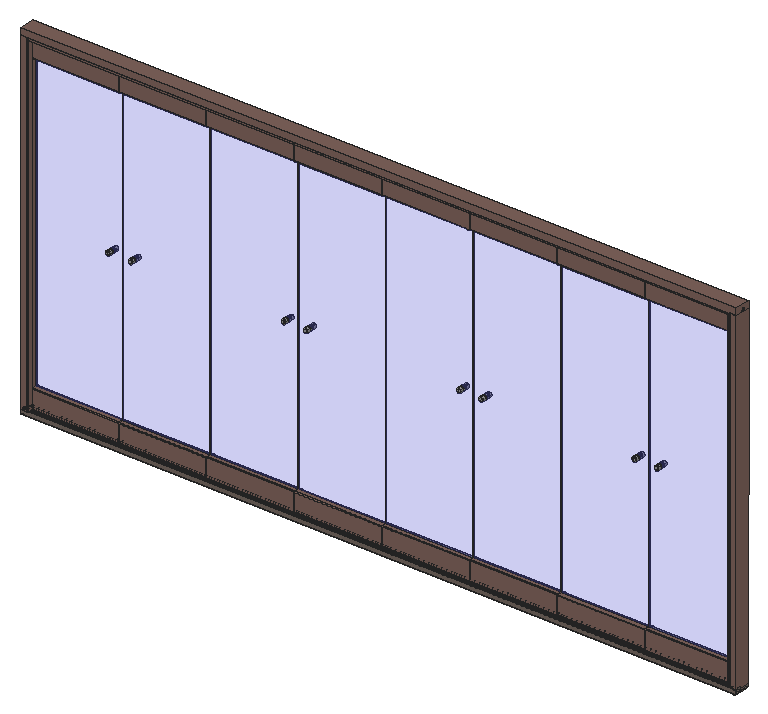
Revit family "FL8L 2385 RH", category Doors, host Wall, Revit 2015
Parameters (values of type "FL8L 2385 RH")
  Function = Interior
  Frame Projection Ext. = 25 mm
  Frame Projection Int. = 25 mm
  Frame Width = 75 mm
  Height = 2385 mm
  Wall Closure = By host
  Width = 4930 mm
Reference planes
  plane 1: y = 0
  plane 2 "Center (Left/Right)": x = 0
  plane 3 "Left": x = -2465
  plane 4 "Right": x = 2465
  plane 5: z = 2385
  plane 6 "Exterior": y = 75
  plane 7 "Interior": y = -75
  plane 8: x = 2420
  plane 9: x = 2414
  plane 10: x = 1814
  plane 11: x = 1810
  plane 12: x = 1210
  plane 13: x = 1206
  plane 14: x = 606
  plane 15: x = 602
  plane 16: x = 2
  plane 17: x = -2
  plane 18: x = -602
  plane 19: x = -606
  plane 20: x = -1206
  plane 21: x = -1210
  plane 22: x = -1810
  plane 23: x = -1814
  plane 24: x = -2414
  plane 25: x = -2420
Forms (mm)
  Extrusion 1, solid, material "Meranti (Frameless)"
    sketch origin (0, 0, 285) x (0, 1, 0) y (0, 0, 1)
      loop
        line (52.5, 2100) -> (-52.5, 2100) -> (-52.5, 2055) -> (-6.5, 2055) -> (-6.5, 2075) -> (15.5, 2075) -> (15.5, 2055) -> (52.5, 2055) -> (52.5, 2100)
    from -2465 to 2465
  Extrusion 2, solid, material "Steel, Chrome Plated"
    sketch origin (667.231, -1.5, 285) x (0, 1, 0) y (0, 0, 1)
      loop
        line (16.5, 2075) -> (-4.5, 2075) -> (-4.5, 2055) -> (-2.3, 2055) -> (-2.3, 2072.8) -> (14.3, 2072.8) -> (14.3, 2055) -> (16.5, 2055) -> (16.5, 2075)
    from -3132.231 to 1797.769
  Extrusion 3, solid, material "Meranti (Frameless)"
    sketch origin (0, 0, 0) x (1, 0, 0) y (0, 1, 0)
      loop
        line (-2465, 52.5) -> (-2465, -52.5) -> (-2420, -52.5) -> (-2420, 24.5) -> (-2432, 24.5) -> (-2432, 52.5) -> (-2465, 52.5)
      loop
        line (2465, 52.5) -> (2432, 52.5) -> (2432, 24.5) -> (2420, 24.5) -> (2420, -52.5) -> (2465, -52.5) -> (2465, 52.5)
    from 32 to 2340
  Extrusion 4, solid, material "Aluminium Cill (Bronze)"
    sketch origin (0, 79.18, -119.746) x (0, 1, 0) y (0, 0, 1)
      loop
        line (-26.68, 120.746) -> (-26.68, 135.746)
        arc (-26.68, 135.746) -> (-27.558, 137.867) -> (-29.68, 138.746) r 3
        line (-29.68, 138.746) -> (-40.947, 138.746)
        arc (-40.947, 138.746) -> (-42.68, 137.746) -> (-44.412, 138.746) r 2
        line (-44.412, 138.746) -> (-48.947, 138.746)
        arc (-48.947, 138.746) -> (-50.68, 137.746) -> (-52.412, 138.746) r 2
        line (-52.412, 138.746) -> (-56.947, 138.746)
        arc (-56.947, 138.746) -> (-58.68, 137.746) -> (-60.412, 138.746) r 2
        line (-60.412, 138.746) -> (-67.18, 138.746) -> (-67.18, 135.246)
        arc (-67.18, 135.246) -> (-67.619, 134.185) -> (-68.68, 133.746) r 1.5
        line (-68.68, 133.746) -> (-73.43, 133.746) -> (-73.43, 135.746) -> (-71.996, 135.746)
        arc (-71.996, 135.746) -> (-74.68, 138.746) -> (-77.363, 135.746) r 2.7
        line (-77.363, 135.746) -> (-75.93, 135.746) -> (-75.93, 133.746) -> (-80.68, 133.746)
        arc (-80.68, 133.746) -> (-81.74, 134.185) -> (-82.18, 135.246) r 1.5
        line (-82.18, 135.246) -> (-82.18, 138.746) -> (-90.432, 138.746) -> (-98.68, 138.746) -> (-98.68, 143.746)
        arc (-98.68, 143.746) -> (-99.18, 144.246) -> (-99.68, 143.746) r 0.5
        line (-99.68, 143.746) -> (-99.68, 142.734) -> (-100.88, 142.734) -> (-100.88, 150.246) -> (-99.68, 150.246) -> (-99.68, 149.246)
        arc (-99.68, 149.246) -> (-99.18, 148.746) -> (-98.68, 149.246) r 0.5
        line (-98.68, 149.246) -> (-98.68, 150.746)
        arc (-98.68, 150.746) -> (-98.972, 151.453) -> (-99.68, 151.746) r 1
        line (-99.68, 151.746) -> (-109.447, 151.746)
        arc (-109.447, 151.746) -> (-111.18, 150.746) -> (-112.912, 151.746) r 2
        line (-112.912, 151.746) -> (-117.447, 151.746)
        arc (-117.447, 151.746) -> (-119.18, 150.746) -> (-120.912, 151.746) r 2
        line (-120.912, 151.746) -> (-130.68, 151.746)
        arc (-130.68, 151.746) -> (-131.387, 151.453) -> (-131.68, 150.746) r 1
        line (-131.68, 150.746) -> (-131.68, 120.746)
        arc (-131.68, 120.746) -> (-131.387, 120.039) -> (-130.68, 119.746) r 1
        line (-130.68, 119.746) -> (-27.68, 119.746)
        arc (-27.68, 119.746) -> (-26.972, 120.039) -> (-26.68, 120.746) r 1
      loop
        line (-29.68, 137.246) -> (-40.23, 137.246)
        arc (-40.23, 137.246) -> (-42.68, 136.246) -> (-45.129, 137.246) r 3.5
        line (-45.129, 137.246) -> (-48.23, 137.246)
        arc (-48.23, 137.246) -> (-50.68, 136.246) -> (-53.129, 137.246) r 3.5
        line (-53.129, 137.246) -> (-56.23, 137.246)
        arc (-56.23, 137.246) -> (-58.68, 136.246) -> (-61.129, 137.246) r 3.5
        line (-61.129, 137.246) -> (-65.68, 137.246) -> (-65.68, 135.246)
        arc (-65.68, 135.246) -> (-66.558, 133.125) -> (-68.68, 132.246) r 3
        line (-68.68, 132.246) -> (-73.93, 132.246) -> (-73.93, 121.246) -> (-28.18, 121.246) -> (-28.18, 135.746)
        arc (-28.18, 135.746) -> (-28.619, 136.807) -> (-29.68, 137.246) r 1.5
      loop
        line (-75.43, 132.246) -> (-80.68, 132.246)
        arc (-80.68, 132.246) -> (-82.801, 133.125) -> (-83.68, 135.246) r 3
        line (-83.68, 135.246) -> (-83.68, 137.246) -> (-98.68, 137.246) -> (-98.68, 121.246) -> (-75.43, 121.246) -> (-75.43, 132.246)
      loop
        line (-100.18, 121.246) -> (-100.18, 141.246) -> (-102.38, 141.246) -> (-102.38, 150.246) -> (-108.73, 150.246)
        arc (-108.73, 150.246) -> (-111.18, 149.246) -> (-113.629, 150.246) r 3.5
        line (-113.629, 150.246) -> (-116.73, 150.246)
        arc (-116.73, 150.246) -> (-119.18, 149.246) -> (-121.629, 150.246) r 3.5
        line (-121.629, 150.246) -> (-130.18, 150.246) -> (-130.18, 121.246) -> (-100.18, 121.246)
    from -2465 to 2465
  Extrusion 5, solid, material "Meranti (Frameless)"
    sketch origin (0, 0, 0) x (1, 0, 0) y (0, 1, 0)
      loop
        line (-2465, 52.5) -> (-2465, -19.5) -> (-2420, -19.5) -> (-2420, 24.5) -> (-2432, 24.5) -> (-2432, 52.5) -> (-2465, 52.5)
      loop
        line (2465, 52.5) -> (2432, 52.5) -> (2432, 24.5) -> (2420, 24.5) -> (2420, -19.5) -> (2465, -19.5) -> (2465, 52.5)
    from 19 to 32
  Extrusion 6, solid, material "Meranti (Frameless)"
    sketch origin (0, 0, 285) x (0, 1, 0) y (0, 0, 1)
      loop
        line (-52.5, 2052) -> (-52.5, 2042) -> (-26.5, 2042) -> (-26.5, 2045.5) -> (-33.5, 2045.5) -> (-33.5, 2048.5) -> (-26.5, 2048.5) -> (-26.5, 2055) -> (-49.5, 2055) -> (-49.5, 2052) -> (-52.5, 2052)
    from -2420 to 2420
  Extrusion 7, solid, material "Meranti (Frameless)"
    sketch origin (0, 0, 285) x (1, 0, 0) y (0, 1, 0)
      loop
        line (-2417, -52.5) -> (-2407, -52.5) -> (-2407, -26.5) -> (-2410.5, -26.5) -> (-2410.5, -33.5) -> (-2413.5, -33.5) -> (-2413.5, -26.5) -> (-2420, -26.5) -> (-2420, -49.5) -> (-2417, -49.5) -> (-2417, -52.5)
      loop
        line (2417, -52.5) -> (2417, -49.5) -> (2420, -49.5) -> (2420, -26.5) -> (2413.5, -26.5) -> (2413.5, -33.5) -> (2410.5, -33.5) -> (2410.5, -26.5) -> (2407, -26.5) -> (2407, -52.5) -> (2417, -52.5)
    from -253 to 2042
  Extrusion 8, solid, material "Meranti (Frameless)"
    sketch origin (1504, 0, 0) x (0, 1, 0) y (0, 0, 1)
      loop
        line (24.5, 24) -> (24.5, 112) -> (13, 112) -> (13, 162) -> (-15.5, 162) -> (-20.5, 157) -> (-20.5, 37) -> (-15.5, 37) -> (-15.5, 24) -> (24.5, 24)
      loop
        line (24.5, 2335) -> (-20.5, 2335) -> (-20.5, 2202) -> (-15.5, 2197) -> (13, 2197) -> (13, 2247) -> (24.5, 2247) -> (24.5, 2335)
    from 310 to 910
  Extrusion 9, solid, material "Glass"
    sketch origin (1977.601, -93.1, -804.253) x (1, 0, 0) y (0, 0, 1)
      loop
        line (-163.601, 3051.253) -> (-163.601, 916.253) -> (436.399, 916.253) -> (436.399, 3051.253) -> (-163.601, 3051.253)
    from -116.1 to -106.1
  Extrusion 10, solid, material "Rubber, Black"
    sketch origin (1506.5, 0, 0) x (0, 1, 0) y (0, 0, 1)
      loop
        line (24.5, 112) -> (24.5, 162) -> (23, 162) -> (23, 112) -> (24.5, 112)
      loop
        line (24.5, 2197) -> (24.5, 2247) -> (23, 2247) -> (23, 2197) -> (24.5, 2197)
    from 307.5 to 907.5
  Revolve 11, solid, material "Steel, S 460"
    sketch origin (1964, 0, -1800) x (0, 1, 0) y (0, 0, 1)
      loop
        line (24.5, 1941.5) -> (31.5, 1941.5) -> (31.5, 1950) -> (29.5, 1952) -> (24.5, 1952) -> (24.5, 1941.5)
      axis (31.5, 1937) -> (24.5, 1937)
    angle from 0 to 360
  Revolve 12, solid, material "Steel, S 460"
    sketch origin (2264, 0, -1800) x (0, 1, 0) y (0, 0, -1)
      loop
        line (24.5, -1941.5) -> (24.5, -1952) -> (29.5, -1952) -> (31.5, -1950) -> (31.5, -1941.5) -> (24.5, -1941.5)
      axis (31.5, -1937) -> (24.5, -1937)
    angle from 0 to 360
  Revolve 13, solid, material "Steel, S 460"
    sketch origin (1964, 0, 285) x (0, 1, 0) y (0, 0, 1)
      loop
        line (24.5, 1941.5) -> (31.5, 1941.5) -> (31.5, 1950) -> (29.5, 1952) -> (24.5, 1952) -> (24.5, 1941.5)
      axis (31.5, 1937) -> (24.5, 1937)
    angle from 0 to 360
  Revolve 14, solid, material "Steel, S 460"
    sketch origin (2264, 0, 285) x (0, 1, 0) y (0, 0, -1)
      loop
        line (24.5, -1941.5) -> (24.5, -1952) -> (29.5, -1952) -> (31.5, -1950) -> (31.5, -1941.5) -> (24.5, -1941.5)
      axis (31.5, -1937) -> (24.5, -1937)
    angle from 0 to 360
  Extrusion 15, solid, material "Meranti (Frameless)"
    sketch origin (900, 0, 0) x (0, 1, 0) y (0, 0, 1)
      loop
        line (24.5, 24) -> (24.5, 112) -> (13, 112) -> (13, 162) -> (-15.5, 162) -> (-20.5, 157) -> (-20.5, 37) -> (-15.5, 37) -> (-15.5, 24) -> (24.5, 24)
      loop
        line (24.5, 2335) -> (-20.5, 2335) -> (-20.5, 2202) -> (-15.5, 2197) -> (13, 2197) -> (13, 2247) -> (24.5, 2247) -> (24.5, 2335)
    from 310 to 910
  Extrusion 16, solid, material "Glass"
    sketch origin (1373.601, -93.1, -804.253) x (1, 0, 0) y (0, 0, 1)
      loop
        line (-163.601, 3051.253) -> (-163.601, 916.253) -> (436.399, 916.253) -> (436.399, 3051.253) -> (-163.601, 3051.253)
    from -116.1 to -106.1
  Extrusion 17, solid, material "Rubber, Black"
    sketch origin (902.5, 0, 0) x (0, 1, 0) y (0, 0, 1)
      loop
        line (24.5, 112) -> (24.5, 162) -> (23, 162) -> (23, 112) -> (24.5, 112)
      loop
        line (24.5, 2197) -> (24.5, 2247) -> (23, 2247) -> (23, 2197) -> (24.5, 2197)
    from 307.5 to 907.5
  Revolve 18, solid, material "Steel, S 460"
    sketch origin (1360, 0, -1800) x (0, 1, 0) y (0, 0, 1)
      loop
        line (24.5, 1941.5) -> (31.5, 1941.5) -> (31.5, 1950) -> (29.5, 1952) -> (24.5, 1952) -> (24.5, 1941.5)
      axis (31.5, 1937) -> (24.5, 1937)
    angle from 0 to 360
  Revolve 19, solid, material "Steel, S 460"
    sketch origin (1660, 0, -1800) x (0, 1, 0) y (0, 0, -1)
      loop
        line (24.5, -1941.5) -> (24.5, -1952) -> (29.5, -1952) -> (31.5, -1950) -> (31.5, -1941.5) -> (24.5, -1941.5)
      axis (31.5, -1937) -> (24.5, -1937)
    angle from 0 to 360
  Revolve 20, solid, material "Steel, S 460"
    sketch origin (1360, 0, 285) x (0, 1, 0) y (0, 0, 1)
      loop
        line (24.5, 1941.5) -> (31.5, 1941.5) -> (31.5, 1950) -> (29.5, 1952) -> (24.5, 1952) -> (24.5, 1941.5)
      axis (31.5, 1937) -> (24.5, 1937)
    angle from 0 to 360
  Revolve 21, solid, material "Steel, S 460"
    sketch origin (1660, 0, 285) x (0, 1, 0) y (0, 0, -1)
      loop
        line (24.5, -1941.5) -> (24.5, -1952) -> (29.5, -1952) -> (31.5, -1950) -> (31.5, -1941.5) -> (24.5, -1941.5)
      axis (31.5, -1937) -> (24.5, -1937)
    angle from 0 to 360
  Extrusion 22, solid, material "Meranti (Frameless)"
    sketch origin (296, 0, 0) x (0, 1, 0) y (0, 0, 1)
      loop
        line (24.5, 24) -> (24.5, 112) -> (13, 112) -> (13, 162) -> (-15.5, 162) -> (-20.5, 157) -> (-20.5, 37) -> (-15.5, 37) -> (-15.5, 24) -> (24.5, 24)
      loop
        line (24.5, 2335) -> (-20.5, 2335) -> (-20.5, 2202) -> (-15.5, 2197) -> (13, 2197) -> (13, 2247) -> (24.5, 2247) -> (24.5, 2335)
    from 310 to 910
  Extrusion 23, solid, material "Glass"
    sketch origin (769.601, -93.1, -804.253) x (1, 0, 0) y (0, 0, 1)
      loop
        line (-163.601, 3051.253) -> (-163.601, 916.253) -> (436.399, 916.253) -> (436.399, 3051.253) -> (-163.601, 3051.253)
    from -116.1 to -106.1
  Extrusion 24, solid, material "Rubber, Black"
    sketch origin (298.5, 0, 0) x (0, 1, 0) y (0, 0, 1)
      loop
        line (24.5, 112) -> (24.5, 162) -> (23, 162) -> (23, 112) -> (24.5, 112)
      loop
        line (24.5, 2197) -> (24.5, 2247) -> (23, 2247) -> (23, 2197) -> (24.5, 2197)
    from 307.5 to 907.5
  Revolve 25, solid, material "Steel, S 460"
    sketch origin (756, 0, -1800) x (0, 1, 0) y (0, 0, 1)
      loop
        line (24.5, 1941.5) -> (31.5, 1941.5) -> (31.5, 1950) -> (29.5, 1952) -> (24.5, 1952) -> (24.5, 1941.5)
      axis (31.5, 1937) -> (24.5, 1937)
    angle from 0 to 360
  Revolve 26, solid, material "Steel, S 460"
    sketch origin (1056, 0, -1800) x (0, 1, 0) y (0, 0, -1)
      loop
        line (24.5, -1941.5) -> (24.5, -1952) -> (29.5, -1952) -> (31.5, -1950) -> (31.5, -1941.5) -> (24.5, -1941.5)
      axis (31.5, -1937) -> (24.5, -1937)
    angle from 0 to 360
  Revolve 27, solid, material "Steel, S 460"
    sketch origin (756, 0, 285) x (0, 1, 0) y (0, 0, 1)
      loop
        line (24.5, 1941.5) -> (31.5, 1941.5) -> (31.5, 1950) -> (29.5, 1952) -> (24.5, 1952) -> (24.5, 1941.5)
      axis (31.5, 1937) -> (24.5, 1937)
    angle from 0 to 360
  Revolve 28, solid, material "Steel, S 460"
    sketch origin (1056, 0, 285) x (0, 1, 0) y (0, 0, -1)
      loop
        line (24.5, -1941.5) -> (24.5, -1952) -> (29.5, -1952) -> (31.5, -1950) -> (31.5, -1941.5) -> (24.5, -1941.5)
      axis (31.5, -1937) -> (24.5, -1937)
    angle from 0 to 360
  Extrusion 29, solid, material "Meranti (Frameless)"
    sketch origin (-308, 0, 0) x (0, 1, 0) y (0, 0, 1)
      loop
        line (24.5, 24) -> (24.5, 112) -> (13, 112) -> (13, 162) -> (-15.5, 162) -> (-20.5, 157) -> (-20.5, 37) -> (-15.5, 37) -> (-15.5, 24) -> (24.5, 24)
      loop
        line (24.5, 2335) -> (-20.5, 2335) -> (-20.5, 2202) -> (-15.5, 2197) -> (13, 2197) -> (13, 2247) -> (24.5, 2247) -> (24.5, 2335)
    from 310 to 910
  Extrusion 30, solid, material "Glass"
    sketch origin (165.601, -93.1, -804.253) x (1, 0, 0) y (0, 0, 1)
      loop
        line (-163.601, 3051.253) -> (-163.601, 916.253) -> (436.399, 916.253) -> (436.399, 3051.253) -> (-163.601, 3051.253)
    from -116.1 to -106.1
  Extrusion 31, solid, material "Rubber, Black"
    sketch origin (-305.5, 0, 0) x (0, 1, 0) y (0, 0, 1)
      loop
        line (24.5, 112) -> (24.5, 162) -> (23, 162) -> (23, 112) -> (24.5, 112)
      loop
        line (24.5, 2197) -> (24.5, 2247) -> (23, 2247) -> (23, 2197) -> (24.5, 2197)
    from 307.5 to 907.5
  Revolve 32, solid, material "Steel, S 460"
    sketch origin (152, 0, -1800) x (0, 1, 0) y (0, 0, 1)
      loop
        line (24.5, 1941.5) -> (31.5, 1941.5) -> (31.5, 1950) -> (29.5, 1952) -> (24.5, 1952) -> (24.5, 1941.5)
      axis (31.5, 1937) -> (24.5, 1937)
    angle from 0 to 360
  Revolve 33, solid, material "Steel, S 460"
    sketch origin (452, 0, -1800) x (0, 1, 0) y (0, 0, -1)
      loop
        line (24.5, -1941.5) -> (24.5, -1952) -> (29.5, -1952) -> (31.5, -1950) -> (31.5, -1941.5) -> (24.5, -1941.5)
      axis (31.5, -1937) -> (24.5, -1937)
    angle from 0 to 360
  Revolve 34, solid, material "Steel, S 460"
    sketch origin (152, 0, 285) x (0, 1, 0) y (0, 0, 1)
      loop
        line (24.5, 1941.5) -> (31.5, 1941.5) -> (31.5, 1950) -> (29.5, 1952) -> (24.5, 1952) -> (24.5, 1941.5)
      axis (31.5, 1937) -> (24.5, 1937)
    angle from 0 to 360
  Revolve 35, solid, material "Steel, S 460"
    sketch origin (452, 0, 285) x (0, 1, 0) y (0, 0, -1)
      loop
        line (24.5, -1941.5) -> (24.5, -1952) -> (29.5, -1952) -> (31.5, -1950) -> (31.5, -1941.5) -> (24.5, -1941.5)
      axis (31.5, -1937) -> (24.5, -1937)
    angle from 0 to 360
  Extrusion 36, solid, material "Meranti (Frameless)"
    sketch origin (-912, 0, 0) x (0, 1, 0) y (0, 0, 1)
      loop
        line (24.5, 24) -> (24.5, 112) -> (13, 112) -> (13, 162) -> (-15.5, 162) -> (-20.5, 157) -> (-20.5, 37) -> (-15.5, 37) -> (-15.5, 24) -> (24.5, 24)
      loop
        line (24.5, 2335) -> (-20.5, 2335) -> (-20.5, 2202) -> (-15.5, 2197) -> (13, 2197) -> (13, 2247) -> (24.5, 2247) -> (24.5, 2335)
    from 310 to 910
  Extrusion 37, solid, material "Glass"
    sketch origin (-438.399, -93.1, -804.253) x (1, 0, 0) y (0, 0, 1)
      loop
        line (-163.601, 3051.253) -> (-163.601, 916.253) -> (436.399, 916.253) -> (436.399, 3051.253) -> (-163.601, 3051.253)
    from -116.1 to -106.1
  Extrusion 38, solid, material "Rubber, Black"
    sketch origin (-909.5, 0, 0) x (0, 1, 0) y (0, 0, 1)
      loop
        line (24.5, 112) -> (24.5, 162) -> (23, 162) -> (23, 112) -> (24.5, 112)
      loop
        line (24.5, 2197) -> (24.5, 2247) -> (23, 2247) -> (23, 2197) -> (24.5, 2197)
    from 307.5 to 907.5
  Revolve 39, solid, material "Steel, S 460"
    sketch origin (-452, 0, -1800) x (0, 1, 0) y (0, 0, 1)
      loop
        line (24.5, 1941.5) -> (31.5, 1941.5) -> (31.5, 1950) -> (29.5, 1952) -> (24.5, 1952) -> (24.5, 1941.5)
      axis (31.5, 1937) -> (24.5, 1937)
    angle from 0 to 360
  Revolve 40, solid, material "Steel, S 460"
    sketch origin (-152, 0, -1800) x (0, 1, 0) y (0, 0, -1)
      loop
        line (24.5, -1941.5) -> (24.5, -1952) -> (29.5, -1952) -> (31.5, -1950) -> (31.5, -1941.5) -> (24.5, -1941.5)
      axis (31.5, -1937) -> (24.5, -1937)
    angle from 0 to 360
  Revolve 41, solid, material "Steel, S 460"
    sketch origin (-452, 0, 285) x (0, 1, 0) y (0, 0, 1)
      loop
        line (24.5, 1941.5) -> (31.5, 1941.5) -> (31.5, 1950) -> (29.5, 1952) -> (24.5, 1952) -> (24.5, 1941.5)
      axis (31.5, 1937) -> (24.5, 1937)
    angle from 0 to 360
  Revolve 42, solid, material "Steel, S 460"
    sketch origin (-152, 0, 285) x (0, 1, 0) y (0, 0, -1)
      loop
        line (24.5, -1941.5) -> (24.5, -1952) -> (29.5, -1952) -> (31.5, -1950) -> (31.5, -1941.5) -> (24.5, -1941.5)
      axis (31.5, -1937) -> (24.5, -1937)
    angle from 0 to 360
  Extrusion 43, solid, material "Meranti (Frameless)"
    sketch origin (-1516, 0, 0) x (0, 1, 0) y (0, 0, 1)
      loop
        line (24.5, 24) -> (24.5, 112) -> (13, 112) -> (13, 162) -> (-15.5, 162) -> (-20.5, 157) -> (-20.5, 37) -> (-15.5, 37) -> (-15.5, 24) -> (24.5, 24)
      loop
        line (24.5, 2335) -> (-20.5, 2335) -> (-20.5, 2202) -> (-15.5, 2197) -> (13, 2197) -> (13, 2247) -> (24.5, 2247) -> (24.5, 2335)
    from 310 to 910
  Extrusion 44, solid, material "Glass"
    sketch origin (-1042.399, -93.1, -804.253) x (1, 0, 0) y (0, 0, 1)
      loop
        line (-163.601, 3051.253) -> (-163.601, 916.253) -> (436.399, 916.253) -> (436.399, 3051.253) -> (-163.601, 3051.253)
    from -116.1 to -106.1
  Extrusion 45, solid, material "Rubber, Black"
    sketch origin (-1513.5, 0, 0) x (0, 1, 0) y (0, 0, 1)
      loop
        line (24.5, 112) -> (24.5, 162) -> (23, 162) -> (23, 112) -> (24.5, 112)
      loop
        line (24.5, 2197) -> (24.5, 2247) -> (23, 2247) -> (23, 2197) -> (24.5, 2197)
    from 307.5 to 907.5
  Revolve 46, solid, material "Steel, S 460"
    sketch origin (-1056, 0, -1800) x (0, 1, 0) y (0, 0, 1)
      loop
        line (24.5, 1941.5) -> (31.5, 1941.5) -> (31.5, 1950) -> (29.5, 1952) -> (24.5, 1952) -> (24.5, 1941.5)
      axis (31.5, 1937) -> (24.5, 1937)
    angle from 0 to 360
  Revolve 47, solid, material "Steel, S 460"
    sketch origin (-756, 0, -1800) x (0, 1, 0) y (0, 0, -1)
      loop
        line (24.5, -1941.5) -> (24.5, -1952) -> (29.5, -1952) -> (31.5, -1950) -> (31.5, -1941.5) -> (24.5, -1941.5)
      axis (31.5, -1937) -> (24.5, -1937)
    angle from 0 to 360
  Revolve 48, solid, material "Steel, S 460"
    sketch origin (-1056, 0, 285) x (0, 1, 0) y (0, 0, 1)
      loop
        line (24.5, 1941.5) -> (31.5, 1941.5) -> (31.5, 1950) -> (29.5, 1952) -> (24.5, 1952) -> (24.5, 1941.5)
      axis (31.5, 1937) -> (24.5, 1937)
    angle from 0 to 360
  Revolve 49, solid, material "Steel, S 460"
    sketch origin (-756, 0, 285) x (0, 1, 0) y (0, 0, -1)
      loop
        line (24.5, -1941.5) -> (24.5, -1952) -> (29.5, -1952) -> (31.5, -1950) -> (31.5, -1941.5) -> (24.5, -1941.5)
      axis (31.5, -1937) -> (24.5, -1937)
    angle from 0 to 360
  Extrusion 50, solid, material "Meranti (Frameless)"
    sketch origin (-2120, 0, 0) x (0, 1, 0) y (0, 0, 1)
      loop
        line (24.5, 24) -> (24.5, 112) -> (13, 112) -> (13, 162) -> (-15.5, 162) -> (-20.5, 157) -> (-20.5, 37) -> (-15.5, 37) -> (-15.5, 24) -> (24.5, 24)
      loop
        line (24.5, 2335) -> (-20.5, 2335) -> (-20.5, 2202) -> (-15.5, 2197) -> (13, 2197) -> (13, 2247) -> (24.5, 2247) -> (24.5, 2335)
    from 310 to 910
  Extrusion 51, solid, material "Glass"
    sketch origin (-1646.399, -93.1, -804.253) x (1, 0, 0) y (0, 0, 1)
      loop
        line (-163.601, 3051.253) -> (-163.601, 916.253) -> (436.399, 916.253) -> (436.399, 3051.253) -> (-163.601, 3051.253)
    from -116.1 to -106.1
  Extrusion 52, solid, material "Rubber, Black"
    sketch origin (-2117.5, 0, 0) x (0, 1, 0) y (0, 0, 1)
      loop
        line (24.5, 112) -> (24.5, 162) -> (23, 162) -> (23, 112) -> (24.5, 112)
      loop
        line (24.5, 2197) -> (24.5, 2247) -> (23, 2247) -> (23, 2197) -> (24.5, 2197)
    from 307.5 to 907.5
  Revolve 53, solid, material "Steel, S 460"
    sketch origin (-1660, 0, -1800) x (0, 1, 0) y (0, 0, 1)
      loop
        line (24.5, 1941.5) -> (31.5, 1941.5) -> (31.5, 1950) -> (29.5, 1952) -> (24.5, 1952) -> (24.5, 1941.5)
      axis (31.5, 1937) -> (24.5, 1937)
    angle from 0 to 360
  Revolve 54, solid, material "Steel, S 460"
    sketch origin (-1360, 0, -1800) x (0, 1, 0) y (0, 0, -1)
      loop
        line (24.5, -1941.5) -> (24.5, -1952) -> (29.5, -1952) -> (31.5, -1950) -> (31.5, -1941.5) -> (24.5, -1941.5)
      axis (31.5, -1937) -> (24.5, -1937)
    angle from 0 to 360
  Revolve 55, solid, material "Steel, S 460"
    sketch origin (-1660, 0, 285) x (0, 1, 0) y (0, 0, 1)
      loop
        line (24.5, 1941.5) -> (31.5, 1941.5) -> (31.5, 1950) -> (29.5, 1952) -> (24.5, 1952) -> (24.5, 1941.5)
      axis (31.5, 1937) -> (24.5, 1937)
    angle from 0 to 360
  Revolve 56, solid, material "Steel, S 460"
    sketch origin (-1360, 0, 285) x (0, 1, 0) y (0, 0, -1)
      loop
        line (24.5, -1941.5) -> (24.5, -1952) -> (29.5, -1952) -> (31.5, -1950) -> (31.5, -1941.5) -> (24.5, -1941.5)
      axis (31.5, -1937) -> (24.5, -1937)
    angle from 0 to 360
  Extrusion 57, solid, material "Meranti (Frameless)"
    sketch origin (-2724, 0, 0) x (0, 1, 0) y (0, 0, 1)
      loop
        line (24.5, 24) -> (24.5, 112) -> (13, 112) -> (13, 162) -> (-15.5, 162) -> (-20.5, 157) -> (-20.5, 37) -> (-15.5, 37) -> (-15.5, 24) -> (24.5, 24)
      loop
        line (24.5, 2335) -> (-20.5, 2335) -> (-20.5, 2202) -> (-15.5, 2197) -> (13, 2197) -> (13, 2247) -> (24.5, 2247) -> (24.5, 2335)
    from 310 to 910
  Extrusion 58, solid, material "Glass"
    sketch origin (-2250.399, -93.1, -804.253) x (1, 0, 0) y (0, 0, 1)
      loop
        line (-163.601, 3051.253) -> (-163.601, 916.253) -> (436.399, 916.253) -> (436.399, 3051.253) -> (-163.601, 3051.253)
    from -116.1 to -106.1
  Extrusion 59, solid, material "Rubber, Black"
    sketch origin (-2721.5, 0, 0) x (0, 1, 0) y (0, 0, 1)
      loop
        line (24.5, 112) -> (24.5, 162) -> (23, 162) -> (23, 112) -> (24.5, 112)
      loop
        line (24.5, 2197) -> (24.5, 2247) -> (23, 2247) -> (23, 2197) -> (24.5, 2197)
    from 307.5 to 907.5
  Revolve 60, solid, material "Steel, S 460"
    sketch origin (-2264, 0, -1800) x (0, 1, 0) y (0, 0, 1)
      loop
        line (24.5, 1941.5) -> (31.5, 1941.5) -> (31.5, 1950) -> (29.5, 1952) -> (24.5, 1952) -> (24.5, 1941.5)
      axis (31.5, 1937) -> (24.5, 1937)
    angle from 0 to 360
  Revolve 61, solid, material "Steel, S 460"
    sketch origin (-1964, 0, -1800) x (0, 1, 0) y (0, 0, -1)
      loop
        line (24.5, -1941.5) -> (24.5, -1952) -> (29.5, -1952) -> (31.5, -1950) -> (31.5, -1941.5) -> (24.5, -1941.5)
      axis (31.5, -1937) -> (24.5, -1937)
    angle from 0 to 360
  Revolve 62, solid, material "Steel, S 460"
    sketch origin (-2264, 0, 285) x (0, 1, 0) y (0, 0, 1)
      loop
        line (24.5, 1941.5) -> (31.5, 1941.5) -> (31.5, 1950) -> (29.5, 1952) -> (24.5, 1952) -> (24.5, 1941.5)
      axis (31.5, 1937) -> (24.5, 1937)
    angle from 0 to 360
  Revolve 63, solid, material "Steel, S 460"
    sketch origin (-1964, 0, 285) x (0, 1, 0) y (0, 0, -1)
      loop
        line (24.5, -1941.5) -> (24.5, -1952) -> (29.5, -1952) -> (31.5, -1950) -> (31.5, -1941.5) -> (24.5, -1941.5)
      axis (31.5, -1937) -> (24.5, -1937)
    angle from 0 to 360
  Revolve 64, solid, material "Steel, Chrome Plated"
    sketch origin (1889, -128.249, 152.823) x (0, 1, 0) y (0, 0, 1)
      loop
        line (151.249, 1026.677) -> (181.249, 1026.677) -> (181.249, 1040.677) -> (180.249, 1041.677) -> (164.249, 1041.677) -> (159.249, 1036.677) -> (154.249, 1041.677) -> (151.249, 1041.677) -> (151.249, 1026.677)
      axis (181.249, 1026.677) -> (151.249, 1026.677)
    angle from 0 to 360
  Revolve 65, solid, material "Steel, Chrome Plated"
    sketch origin (1889, 164.249, 152.823) x (0, -1, 0) y (0, 0, -1)
      loop
        line (151.249, -1026.677) -> (151.249, -1041.677) -> (154.249, -1041.677) -> (159.249, -1036.677) -> (164.249, -1041.677) -> (180.249, -1041.677) -> (181.249, -1040.677) -> (181.249, -1026.677) -> (151.249, -1026.677)
      axis (181.249, -1026.677) -> (151.249, -1026.677)
    angle from 0 to 360
  Revolve 66, solid, material "Steel, Chrome Plated"
    sketch origin (681, -128.249, 152.823) x (0, 1, 0) y (0, 0, 1)
      loop
        line (151.249, 1026.677) -> (181.249, 1026.677) -> (181.249, 1040.677) -> (180.249, 1041.677) -> (164.249, 1041.677) -> (159.249, 1036.677) -> (154.249, 1041.677) -> (151.249, 1041.677) -> (151.249, 1026.677)
      axis (181.249, 1026.677) -> (151.249, 1026.677)
    angle from 0 to 360
  Revolve 67, solid, material "Steel, Chrome Plated"
    sketch origin (681, 164.249, 152.823) x (0, -1, 0) y (0, 0, -1)
      loop
        line (151.249, -1026.677) -> (151.249, -1041.677) -> (154.249, -1041.677) -> (159.249, -1036.677) -> (164.249, -1041.677) -> (180.249, -1041.677) -> (181.249, -1040.677) -> (181.249, -1026.677) -> (151.249, -1026.677)
      axis (181.249, -1026.677) -> (151.249, -1026.677)
    angle from 0 to 360
  Revolve 68, solid, material "Steel, Chrome Plated"
    sketch origin (-527, -128.249, 152.823) x (0, 1, 0) y (0, 0, 1)
      loop
        line (151.249, 1026.677) -> (181.249, 1026.677) -> (181.249, 1040.677) -> (180.249, 1041.677) -> (164.249, 1041.677) -> (159.249, 1036.677) -> (154.249, 1041.677) -> (151.249, 1041.677) -> (151.249, 1026.677)
      axis (181.249, 1026.677) -> (151.249, 1026.677)
    angle from 0 to 360
  Revolve 69, solid, material "Steel, Chrome Plated"
    sketch origin (-527, 164.249, 152.823) x (0, -1, 0) y (0, 0, -1)
      loop
        line (151.249, -1026.677) -> (151.249, -1041.677) -> (154.249, -1041.677) -> (159.249, -1036.677) -> (164.249, -1041.677) -> (180.249, -1041.677) -> (181.249, -1040.677) -> (181.249, -1026.677) -> (151.249, -1026.677)
      axis (181.249, -1026.677) -> (151.249, -1026.677)
    angle from 0 to 360
  Revolve 70, solid, material "Steel, Chrome Plated"
    sketch origin (-1735, -128.249, 152.823) x (0, 1, 0) y (0, 0, 1)
      loop
        line (151.249, 1026.677) -> (181.249, 1026.677) -> (181.249, 1040.677) -> (180.249, 1041.677) -> (164.249, 1041.677) -> (159.249, 1036.677) -> (154.249, 1041.677) -> (151.249, 1041.677) -> (151.249, 1026.677)
      axis (181.249, 1026.677) -> (151.249, 1026.677)
    angle from 0 to 360
  Revolve 71, solid, material "Steel, Chrome Plated"
    sketch origin (-1735, 164.249, 152.823) x (0, -1, 0) y (0, 0, -1)
      loop
        line (151.249, -1026.677) -> (151.249, -1041.677) -> (154.249, -1041.677) -> (159.249, -1036.677) -> (164.249, -1041.677) -> (180.249, -1041.677) -> (181.249, -1040.677) -> (181.249, -1026.677) -> (151.249, -1026.677)
      axis (181.249, -1026.677) -> (151.249, -1026.677)
    angle from 0 to 360
  Revolve 72, solid, material "Steel, Chrome Plated"
    sketch origin (1735, -128.249, 152.823) x (0, 1, 0) y (0, 0, -1)
      loop
        line (151.249, -1026.677) -> (151.249, -1041.677) -> (154.249, -1041.677) -> (159.249, -1036.677) -> (164.249, -1041.677) -> (180.249, -1041.677) -> (181.249, -1040.677) -> (181.249, -1026.677) -> (151.249, -1026.677)
      axis (181.249, -1026.677) -> (151.249, -1026.677)
    angle from 0 to 360
  Revolve 73, solid, material "Steel, Chrome Plated"
    sketch origin (527, -128.249, 152.823) x (0, 1, 0) y (0, 0, -1)
      loop
        line (151.249, -1026.677) -> (151.249, -1041.677) -> (154.249, -1041.677) -> (159.249, -1036.677) -> (164.249, -1041.677) -> (180.249, -1041.677) -> (181.249, -1040.677) -> (181.249, -1026.677) -> (151.249, -1026.677)
      axis (181.249, -1026.677) -> (151.249, -1026.677)
    angle from 0 to 360
  Revolve 74, solid, material "Steel, Chrome Plated"
    sketch origin (-681, -128.249, 152.823) x (0, 1, 0) y (0, 0, -1)
      loop
        line (151.249, -1026.677) -> (151.249, -1041.677) -> (154.249, -1041.677) -> (159.249, -1036.677) -> (164.249, -1041.677) -> (180.249, -1041.677) -> (181.249, -1040.677) -> (181.249, -1026.677) -> (151.249, -1026.677)
      axis (181.249, -1026.677) -> (151.249, -1026.677)
    angle from 0 to 360
  Revolve 75, solid, material "Steel, Chrome Plated"
    sketch origin (-1889, -128.249, 152.823) x (0, 1, 0) y (0, 0, -1)
      loop
        line (151.249, -1026.677) -> (151.249, -1041.677) -> (154.249, -1041.677) -> (159.249, -1036.677) -> (164.249, -1041.677) -> (180.249, -1041.677) -> (181.249, -1040.677) -> (181.249, -1026.677) -> (151.249, -1026.677)
      axis (181.249, -1026.677) -> (151.249, -1026.677)
    angle from 0 to 360
  Revolve 76, solid, material "Steel, Chrome Plated"
    sketch origin (1735, 164.249, 152.823) x (0, -1, 0) y (0, 0, 1)
      loop
        line (151.249, 1026.677) -> (181.249, 1026.677) -> (181.249, 1040.677) -> (180.249, 1041.677) -> (164.249, 1041.677) -> (159.249, 1036.677) -> (154.249, 1041.677) -> (151.249, 1041.677) -> (151.249, 1026.677)
      axis (181.249, 1026.677) -> (151.249, 1026.677)
    angle from 0 to 360
  Revolve 77, solid, material "Steel, Chrome Plated"
    sketch origin (527, 164.249, 152.823) x (0, -1, 0) y (0, 0, 1)
      loop
        line (151.249, 1026.677) -> (181.249, 1026.677) -> (181.249, 1040.677) -> (180.249, 1041.677) -> (164.249, 1041.677) -> (159.249, 1036.677) -> (154.249, 1041.677) -> (151.249, 1041.677) -> (151.249, 1026.677)
      axis (181.249, 1026.677) -> (151.249, 1026.677)
    angle from 0 to 360
  Revolve 78, solid, material "Steel, Chrome Plated"
    sketch origin (-681, 164.249, 152.823) x (0, -1, 0) y (0, 0, 1)
      loop
        line (151.249, 1026.677) -> (181.249, 1026.677) -> (181.249, 1040.677) -> (180.249, 1041.677) -> (164.249, 1041.677) -> (159.249, 1036.677) -> (154.249, 1041.677) -> (151.249, 1041.677) -> (151.249, 1026.677)
      axis (181.249, 1026.677) -> (151.249, 1026.677)
    angle from 0 to 360
  Revolve 79, solid, material "Steel, Chrome Plated"
    sketch origin (-1889, 164.249, 152.823) x (0, -1, 0) y (0, 0, 1)
      loop
        line (151.249, 1026.677) -> (181.249, 1026.677) -> (181.249, 1040.677) -> (180.249, 1041.677) -> (164.249, 1041.677) -> (159.249, 1036.677) -> (154.249, 1041.677) -> (151.249, 1041.677) -> (151.249, 1026.677)
      axis (181.249, 1026.677) -> (151.249, 1026.677)
    angle from 0 to 360
Cuts and joins
  joined: Extrusion 3, Extrusion 5
Lines and regions (mm)
  Opening 1
    outline origin (-3050, -75, 0) x (1, 0, 0) y (0, 0, 1)
      loop
        line (585, 0) -> (5515, 0) -> (5515, 2385) -> (585, 2385) -> (585, 0)
  model lines
    curve 1: line (1942.302, 75, 1192.5) -> (2117.302, 75, 1192.5)
    curve 2: line (2256.379, 75, 1192.5) -> (2117.302, 75, 1248.691)
    curve 3: line (2117.302, 75, 1248.691) -> (2117.302, 75, 1136.309)
    curve 4: line (2256.379, 75, 1192.5) -> (2117.302, 75, 1136.309)
    curve 5: line (1338.302, 75, 1192.5) -> (1513.302, 75, 1192.5)
    curve 6: line (1652.379, 75, 1192.5) -> (1513.302, 75, 1248.691)
    curve 7: line (1513.302, 75, 1248.691) -> (1513.302, 75, 1136.309)
    curve 8: line (1652.379, 75, 1192.5) -> (1513.302, 75, 1136.309)
    curve 9: line (734.302, 75, 1192.5) -> (909.302, 75, 1192.5)
    curve 10: line (1048.379, 75, 1192.5) -> (909.302, 75, 1248.691)
    curve 11: line (909.302, 75, 1248.691) -> (909.302, 75, 1136.309)
    curve 12: line (1048.379, 75, 1192.5) -> (909.302, 75, 1136.309)
    curve 13: line (130.302, 75, 1192.5) -> (305.302, 75, 1192.5)
    curve 14: line (444.379, 75, 1192.5) -> (305.302, 75, 1248.691)
    curve 15: line (305.302, 75, 1248.691) -> (305.302, 75, 1136.309)
    curve 16: line (444.379, 75, 1192.5) -> (305.302, 75, 1136.309)
    curve 17: line (-473.698, 75, 1192.5) -> (-298.698, 75, 1192.5)
    curve 18: line (-159.621, 75, 1192.5) -> (-298.698, 75, 1248.691)
    curve 19: line (-298.698, 75, 1248.691) -> (-298.698, 75, 1136.309)
    curve 20: line (-159.621, 75, 1192.5) -> (-298.698, 75, 1136.309)
    curve 21: line (-1942.302, 75, 1192.5) -> (-2117.302, 75, 1192.5)
    curve 22: line (-2256.379, 75, 1192.5) -> (-2117.302, 75, 1248.691)
    curve 23: line (-2117.302, 75, 1248.691) -> (-2117.302, 75, 1136.309)
    curve 24: line (-2256.379, 75, 1192.5) -> (-2117.302, 75, 1136.309)
    curve 25: line (-1338.302, 75, 1192.5) -> (-1513.302, 75, 1192.5)
    curve 26: line (-1652.379, 75, 1192.5) -> (-1513.302, 75, 1248.691)
    curve 27: line (-1513.302, 75, 1248.691) -> (-1513.302, 75, 1136.309)
    curve 28: line (-1652.379, 75, 1192.5) -> (-1513.302, 75, 1136.309)
    curve 29: line (-734.302, 75, 1192.5) -> (-909.302, 75, 1192.5)
    curve 30: line (-1048.379, 75, 1192.5) -> (-909.302, 75, 1248.691)
    curve 31: line (-909.302, 75, 1248.691) -> (-909.302, 75, 1136.309)
    curve 32: line (-1048.379, 75, 1192.5) -> (-909.302, 75, 1136.309)
    curve 33: line (-2416, 39.891, 0) -> (-2210.788, 603.706, 0)
    curve 34: line (-2210.788, 603.706, 0) -> (-2168.502, 588.316, 0)
    curve 35: line (-2168.502, 588.316, 0) -> (-2373.714, 24.5, 0)
    curve 36: line (-1920.782, 39.283, 0) -> (-2126.216, 603.706, 0)
    curve 37: line (-2126.216, 603.706, 0) -> (-2168.502, 588.316, 0)
    curve 38: line (-2168.502, 588.316, 0) -> (-1963.29, 24.5, 0)
    curve 39: line (-1920.782, 39.283, 0) -> (-1715.349, 603.706, 0)
    curve 40: line (-1715.349, 603.706, 0) -> (-1673.063, 588.316, 0)
    curve 41: line (-1673.063, 588.316, 0) -> (-1878.275, 24.5, 0)
    curve 42: line (2414, 39.891, 0) -> (2208.788, 603.706, 0)
    curve 43: line (2208.788, 603.706, 0) -> (2166.502, 588.316, 0)
    curve 44: line (2166.502, 588.316, 0) -> (2371.714, 24.5, 0)
    curve 45: line (1918.782, 39.283, 0) -> (2124.216, 603.706, 0)
    curve 46: line (2124.216, 603.706, 0) -> (2166.502, 588.316, 0)
    curve 47: line (2166.502, 588.316, 0) -> (1961.29, 24.5, 0)
    curve 48: line (1918.782, 39.283, 0) -> (1713.349, 603.706, 0)
    curve 49: line (1713.349, 603.706, 0) -> (1671.063, 588.316, 0)
    curve 50: line (1671.063, 588.316, 0) -> (1876.275, 24.5, 0)
    curve 51: line (1423.343, 39.283, 0) -> (1217.91, 603.706, 0)
    curve 52: line (1175.624, 588.316, 0) -> (1380.836, 24.5, 0)
    curve 53: line (1423.343, 39.283, 0) -> (1628.777, 603.706, 0)
    curve 54: line (1671.063, 588.316, 0) -> (1465.851, 24.5, 0)
    curve 55: line (1217.91, 603.706, 0) -> (1175.624, 588.316, 0)
    curve 56: line (1628.777, 603.706, 0) -> (1671.063, 588.316, 0)
Text (mm)
  text "Exterior" at (-2295.016, 1099.543, 0), in view "Ref. Level"
  text "Exterior" at (0, 1615.38, 3698.081), in view "Left"
  text "Exterior" at (0, 1036.032, 3874.932), in view "Right"
Dimensions and locks
  equal spacing: plane 3 "Left", plane 2 "Center (Left/Right)", plane 4 "Right"
  "Width": plane 3 "Left" to plane 4 "Right"
  "Height": plane 5 to host wall
  host wall to plane 5 = 2385 mm  (x2)
  locked: plane 6 "Exterior" to host wall at 0
  locked: plane 7 "Interior" to host wall
  plane 3 "Left" to plane 4 "Right" = 4930 mm
  aligned and locked: plane 3 "Left" to Opening 1 sketch curve
  aligned and locked: plane 5 to Opening 1 sketch curve  (x2)
  aligned and locked: Opening 1 sketch curve to plane 4 "Right"
  aligned and locked: Opening 1 sketch curve to level
  aligned and locked: host wall to plane 1
  aligned and locked: Extrusion 8 to Extrusion 10  (x2)
  aligned and locked: Extrusion 15 to Extrusion 17  (x2)
  aligned and locked: Extrusion 22 to Extrusion 24  (x2)
  aligned and locked: Extrusion 29 to Extrusion 31  (x2)
  aligned and locked: Extrusion 36 to Extrusion 38  (x2)
  aligned and locked: Extrusion 43 to Extrusion 45  (x2)
  aligned and locked: Extrusion 50 to Extrusion 52  (x2)
  aligned and locked: Extrusion 57 to Extrusion 59  (x2)
Automatic sketch dimensions
  plane 24 to curve 22 = 157.621 mm
  curve 22 to curve 22 = 139.078 mm
  plane 22 to curve 28 = 157.621 mm
  curve 26 to curve 27 = 139.078 mm
  plane 20 to curve 30 = 157.621 mm
  curve 30 to curve 30 = 139.078 mm
  curve 20 to plane 17 = 296.698 mm
  curve 17 to curve 18 = 139.078 mm
  curve 15 to plane 15 = 296.698 mm
  curve 13 to curve 14 = 139.078 mm
  curve 12 to plane 13 = 296.698 mm
  curve 9 to curve 12 = 139.078 mm
  curve 7 to plane 11 = 296.698 mm
  curve 5 to curve 6 = 139.078 mm
  curve 3 to plane 9 = 296.698 mm
  curve 1 to curve 2 = 139.078 mm
  level to curve 32 = 1136.309 mm
  level to curve 24 = 1136.309 mm
  curve 20 to curve 31 = 0 mm
  level to curve 3 = 1136.309 mm
  curve 16 to curve 19 = 0 mm
  curve 27 to curve 23 = 0 mm
  curve 12 to curve 15 = 0 mm
  curve 7 to curve 3 = 0 mm
  curve 11 to curve 10 = 56.191 mm
  curve 31 to curve 30 = 56.191 mm
  curve 7 to curve 6 = 56.191 mm
  curve 15 to curve 14 = 56.191 mm
  curve 27 to curve 28 = 56.191 mm
  curve 3 to curve 4 = 56.191 mm
  curve 19 to curve 18 = 56.191 mm
  curve 23 to curve 22 = 56.191 mm
  curve 23 to curve 22 = 112.382 mm
  curve 19 to curve 19 = 112.382 mm
  curve 27 to curve 26 = 112.382 mm
  curve 15 to curve 15 = 112.382 mm
  curve 11 to curve 11 = 112.382 mm
  curve 7 to curve 7 = 112.382 mm
  curve 31 to curve 30 = 112.382 mm
  curve 3 to curve 3 = 112.382 mm
  curve 21 to plane 23 = 128.302 mm
  curve 25 to plane 21 = 128.302 mm
  curve 29 to plane 19 = 128.302 mm
  plane 18 to curve 17 = 128.302 mm
  plane 16 to curve 13 = 128.302 mm
  plane 14 to curve 9 = 128.302 mm
  plane 12 to curve 5 = 128.302 mm
  plane 10 to curve 1 = 128.302 mm
  curve 9 to curve 10 = 56.191 mm
  curve 31 to curve 29 = 56.191 mm
  curve 13 to curve 14 = 56.191 mm
  curve 5 to curve 6 = 56.191 mm
  curve 19 to curve 17 = 56.191 mm
  curve 27 to curve 25 = 56.191 mm
  curve 23 to curve 21 = 56.191 mm
  curve 1 to curve 2 = 56.191 mm
  plane 5 to Extrusion 1 sketch curve = 0 mm
  Extrusion 1 sketch curve to host wall = 22.5 mm  (x2)
  host wall to Extrusion 1 sketch curve = 6.5 mm
  Extrusion 1 sketch curve to host wall = 15.5 mm
  plane 5 to Extrusion 1 sketch curve = 25 mm
  Extrusion 1 sketch curve to Extrusion 1 sketch curve = 20 mm  (x2)
  host wall to Extrusion 2 sketch curve = 6 mm
  Extrusion 2 sketch curve to Extrusion 2 sketch curve = 2.2 mm  (x3)
  Extrusion 2 sketch curve to host wall = 12.8 mm
  plane 5 to Extrusion 2 sketch curve = 45 mm
  Extrusion 2 sketch curve to Extrusion 2 sketch curve = 0 mm
  Extrusion 2 sketch curve to Extrusion 2 sketch curve = 17.8 mm
  Extrusion 3 sketch curve to plane 3 "Left" = 0 mm
  Extrusion 3 sketch curve to plane 25 = 0 mm
  Extrusion 3 sketch curve to plane 8 = 0 mm
  Extrusion 3 sketch curve to plane 4 "Right" = 0 mm
  Extrusion 3 sketch curve to Extrusion 3 sketch curve = 12 mm  (x2)
  Extrusion 3 sketch curve to host wall = 22.5 mm  (x4)
  Extrusion 3 sketch curve to host wall = 24.5 mm  (x2)
  Extrusion 4 sketch curve to level = 0 mm
  level to Extrusion 4 sketch curve = 1 mm
  Extrusion 4 sketch curve to host wall = 22.5 mm
  Extrusion 4 sketch curve to Extrusion 4 sketch curve = 1 mm  (x7)
  Extrusion 4 sketch curve to Extrusion 4 sketch curve = 0.5 mm  (x8)
  Extrusion 4 sketch curve to Extrusion 4 sketch curve = 8.551 mm
  Extrusion 4 sketch curve to Extrusion 4 sketch curve = 0.717 mm  (x10)
  Extrusion 4 sketch curve to Extrusion 4 sketch curve = 1.732 mm  (x10)
  Extrusion 4 sketch curve to Extrusion 4 sketch curve = 0 mm  (x26)
  Extrusion 4 sketch curve to Extrusion 4 sketch curve = 3.101 mm  (x3)
  Extrusion 4 sketch curve to Extrusion 4 sketch curve = 6.351 mm
  Extrusion 4 sketch curve to Extrusion 4 sketch curve = 1.5 mm  (x15)
  Extrusion 4 sketch curve to Extrusion 4 sketch curve = 0.7 mm
  level to Extrusion 4 sketch curve = 1.5 mm  (x3)
  Extrusion 4 sketch curve to Extrusion 4 sketch curve = 1.2 mm  (x2)
  Extrusion 4 sketch curve to Extrusion 4 sketch curve = 8.248 mm
  host wall to Extrusion 4 sketch curve = 4.5 mm
  host wall to Extrusion 4 sketch curve = 1.5 mm  (x2)
  Extrusion 4 sketch curve to host wall = 1.817 mm
  Extrusion 4 sketch curve to Extrusion 4 sketch curve = 1.433 mm  (x3)
  Extrusion 4 sketch curve to host wall = 3.75 mm
  Extrusion 4 sketch curve to Extrusion 4 sketch curve = 1.25 mm  (x2)
  Extrusion 4 sketch curve to Extrusion 4 sketch curve = 3.317 mm
  Extrusion 4 sketch curve to Extrusion 4 sketch curve = 4.551 mm
  Extrusion 4 sketch curve to Extrusion 4 sketch curve = 10.551 mm
  Extrusion 4 sketch curve to Extrusion 4 sketch curve = 11 mm
  Extrusion 4 sketch curve to Extrusion 4 sketch curve = 14.5 mm
  Extrusion 4 sketch curve to Extrusion 4 sketch curve = 2 mm  (x4)
  Extrusion 4 sketch curve to Extrusion 4 sketch curve = 0.3 mm
  Extrusion 4 sketch curve to Extrusion 4 sketch curve = 2.5 mm
  Extrusion 4 sketch curve to Extrusion 4 sketch curve = 1.488 mm
  Extrusion 4 sketch curve to Extrusion 4 sketch curve = 1.012 mm
  Extrusion 4 sketch curve to Extrusion 4 sketch curve = 5.5 mm
  Extrusion 5 sketch curve to plane 3 "Left" = 0 mm
  Extrusion 5 sketch curve to plane 25 = 0 mm
  Extrusion 5 sketch curve to plane 8 = 0 mm
  Extrusion 5 sketch curve to plane 4 "Right" = 0 mm
  Extrusion 5 sketch curve to plane 25 = 12 mm
  Extrusion 5 sketch curve to Extrusion 5 sketch curve = 12 mm
  host wall to Extrusion 5 sketch curve = 19.5 mm  (x2)
  Extrusion 5 sketch curve to host wall = 24.5 mm  (x2)
  Extrusion 5 sketch curve to host wall = 22.5 mm  (x2)
  Extrusion 6 sketch curve to host wall = 22.5 mm
  Extrusion 6 sketch curve to Extrusion 6 sketch curve = 3 mm  (x3)
  Extrusion 6 sketch curve to Extrusion 6 sketch curve = 16 mm
  Extrusion 6 sketch curve to Extrusion 6 sketch curve = 7 mm
  Extrusion 6 sketch curve to Extrusion 6 sketch curve = 0 mm
  plane 5 to Extrusion 6 sketch curve = 58 mm
  Extrusion 6 sketch curve to Extrusion 6 sketch curve = 3.5 mm
  Extrusion 6 sketch curve to Extrusion 6 sketch curve = 10 mm
  Extrusion 7 sketch curve to plane 25 = 0 mm
  Extrusion 7 sketch curve to plane 8 = 0 mm
  Extrusion 7 sketch curve to plane 24 = 3 mm
  plane 24 to Extrusion 7 sketch curve = 0.5 mm
  Extrusion 7 sketch curve to Extrusion 7 sketch curve = 3 mm  (x4)
  plane 24 to Extrusion 7 sketch curve = 7 mm
  Extrusion 7 sketch curve to plane 9 = 7 mm
  Extrusion 7 sketch curve to plane 9 = 3.5 mm
  Extrusion 7 sketch curve to plane 9 = 0.5 mm
  Extrusion 7 sketch curve to host wall = 22.5 mm  (x2)
  Extrusion 7 sketch curve to Extrusion 7 sketch curve = 16 mm  (x2)
  Extrusion 7 sketch curve to Extrusion 7 sketch curve = 7 mm  (x2)
  Extrusion 7 sketch curve to Extrusion 7 sketch curve = 0 mm  (x2)
  host wall to Extrusion 8 sketch curve = 20.5 mm  (x2)
  Extrusion 8 sketch curve to Extrusion 8 sketch curve = 5 mm  (x5)
  Extrusion 8 sketch curve to host wall = 13 mm  (x2)
  Extrusion 8 sketch curve to host wall = 24.5 mm
  Extrusion 8 sketch curve to Extrusion 8 sketch curve = 11.5 mm
  level to Extrusion 8 sketch curve = 24 mm
  Extrusion 8 sketch curve to Extrusion 8 sketch curve = 13 mm
  Extrusion 8 sketch curve to Extrusion 8 sketch curve = 75 mm
  Extrusion 8 sketch curve to Extrusion 8 sketch curve = 45 mm
  plane 5 to Extrusion 8 sketch curve = 188 mm
  Extrusion 8 sketch curve to Extrusion 8 sketch curve = 50 mm
  plane 5 to Extrusion 8 sketch curve = 50 mm
  Extrusion 9 sketch curve to plane 10 = 0 mm
  Extrusion 9 sketch curve to plane 9 = 0 mm
  level to Extrusion 9 sketch curve = 112 mm
  plane 5 to Extrusion 9 sketch curve = 138 mm
  Extrusion 10 sketch curve to host wall = 23 mm  (x2)
  Extrusion 10 sketch curve to Extrusion 10 sketch curve = 1.5 mm  (x2)
  level to Extrusion 10 sketch curve = 112 mm
  Extrusion 10 sketch curve to Extrusion 10 sketch curve = 50 mm  (x2)
  plane 5 to Extrusion 10 sketch curve = 188 mm
  Revolve 11 sketch curve to host wall = 24.5 mm
  Revolve 11 sketch curve to Revolve 11 sketch curve = 5 mm
  Revolve 11 sketch curve to Revolve 11 sketch curve = 2 mm  (x2)
  level to Revolve 11 sketch curve = 141.5 mm
  Revolve 11 sketch curve to Revolve 11 sketch curve = 8.5 mm
  Revolve 11 sketch curve to Revolve 11 sketch curve = 6.469 mm
  Revolve 11 sketch curve to Revolve 11 sketch curve = 5.515 mm
  Revolve 11 sketch curve to Revolve 11 sketch curve = 4.5 mm
  Revolve 12 sketch curve to host wall = 24.5 mm
  Revolve 12 sketch curve to Revolve 12 sketch curve = 5 mm
  Revolve 12 sketch curve to Revolve 12 sketch curve = 2 mm  (x2)
  level to Revolve 12 sketch curve = 152 mm
  Revolve 12 sketch curve to Revolve 12 sketch curve = 8.5 mm
  Revolve 12 sketch curve to Revolve 12 sketch curve = 6.469 mm
  Revolve 12 sketch curve to Revolve 12 sketch curve = 5.515 mm
  Revolve 12 sketch curve to Revolve 12 sketch curve = 4.5 mm
  Revolve 13 sketch curve to host wall = 24.5 mm
  Revolve 13 sketch curve to Revolve 13 sketch curve = 5 mm
  Revolve 13 sketch curve to Revolve 13 sketch curve = 2 mm  (x2)
  plane 5 to Revolve 13 sketch curve = 158.5 mm
  Revolve 13 sketch curve to Revolve 13 sketch curve = 8.5 mm
  Revolve 13 sketch curve to Revolve 13 sketch curve = 6.469 mm
  Revolve 13 sketch curve to Revolve 13 sketch curve = 5.515 mm
  Revolve 13 sketch curve to Revolve 13 sketch curve = 4.5 mm
  Revolve 14 sketch curve to host wall = 24.5 mm
  Revolve 14 sketch curve to Revolve 14 sketch curve = 5 mm
  Revolve 14 sketch curve to Revolve 14 sketch curve = 2 mm  (x2)
  plane 5 to Revolve 14 sketch curve = 148 mm
  Revolve 14 sketch curve to Revolve 14 sketch curve = 8.5 mm
  Revolve 14 sketch curve to Revolve 14 sketch curve = 6.469 mm
  Revolve 14 sketch curve to Revolve 14 sketch curve = 5.515 mm
  Revolve 14 sketch curve to Revolve 14 sketch curve = 4.5 mm
  host wall to Extrusion 15 sketch curve = 20.5 mm  (x2)
  Extrusion 15 sketch curve to Extrusion 15 sketch curve = 5 mm  (x5)
  Extrusion 15 sketch curve to host wall = 13 mm  (x2)
  Extrusion 15 sketch curve to host wall = 24.5 mm
  Extrusion 15 sketch curve to Extrusion 15 sketch curve = 11.5 mm
  level to Extrusion 15 sketch curve = 24 mm
  Extrusion 15 sketch curve to Extrusion 15 sketch curve = 13 mm
  Extrusion 15 sketch curve to Extrusion 15 sketch curve = 75 mm
  Extrusion 15 sketch curve to Extrusion 15 sketch curve = 45 mm
  plane 5 to Extrusion 15 sketch curve = 188 mm
  Extrusion 15 sketch curve to Extrusion 15 sketch curve = 50 mm
  plane 5 to Extrusion 15 sketch curve = 50 mm
  Extrusion 16 sketch curve to plane 12 = 0 mm
  Extrusion 16 sketch curve to plane 11 = 0 mm
  level to Extrusion 16 sketch curve = 112 mm
  plane 5 to Extrusion 16 sketch curve = 138 mm
  Extrusion 17 sketch curve to host wall = 23 mm  (x2)
  Extrusion 17 sketch curve to Extrusion 17 sketch curve = 1.5 mm  (x2)
  level to Extrusion 17 sketch curve = 112 mm
  Extrusion 17 sketch curve to Extrusion 17 sketch curve = 50 mm  (x2)
  plane 5 to Extrusion 17 sketch curve = 188 mm
  Revolve 18 sketch curve to host wall = 24.5 mm
  Revolve 18 sketch curve to Revolve 18 sketch curve = 5 mm
  Revolve 18 sketch curve to Revolve 18 sketch curve = 2 mm  (x2)
  level to Revolve 18 sketch curve = 141.5 mm
  Revolve 18 sketch curve to Revolve 18 sketch curve = 8.5 mm
  Revolve 18 sketch curve to Revolve 18 sketch curve = 6.469 mm
  Revolve 18 sketch curve to Revolve 18 sketch curve = 5.515 mm
  Revolve 18 sketch curve to Revolve 18 sketch curve = 4.5 mm
  Revolve 19 sketch curve to host wall = 24.5 mm
  Revolve 19 sketch curve to Revolve 19 sketch curve = 5 mm
  Revolve 19 sketch curve to Revolve 19 sketch curve = 2 mm  (x2)
  level to Revolve 19 sketch curve = 152 mm
  Revolve 19 sketch curve to Revolve 19 sketch curve = 8.5 mm
  Revolve 19 sketch curve to Revolve 19 sketch curve = 6.469 mm
  Revolve 19 sketch curve to Revolve 19 sketch curve = 5.515 mm
  Revolve 19 sketch curve to Revolve 19 sketch curve = 4.5 mm
  Revolve 20 sketch curve to host wall = 24.5 mm
  Revolve 20 sketch curve to Revolve 20 sketch curve = 5 mm
  Revolve 20 sketch curve to Revolve 20 sketch curve = 2 mm  (x2)
  plane 5 to Revolve 20 sketch curve = 158.5 mm
  Revolve 20 sketch curve to Revolve 20 sketch curve = 8.5 mm
  Revolve 20 sketch curve to Revolve 20 sketch curve = 6.469 mm
  Revolve 20 sketch curve to Revolve 20 sketch curve = 5.515 mm
  Revolve 20 sketch curve to Revolve 20 sketch curve = 4.5 mm
  Revolve 21 sketch curve to host wall = 24.5 mm
  Revolve 21 sketch curve to Revolve 21 sketch curve = 5 mm
  Revolve 21 sketch curve to Revolve 21 sketch curve = 2 mm  (x2)
  plane 5 to Revolve 21 sketch curve = 148 mm
  Revolve 21 sketch curve to Revolve 21 sketch curve = 8.5 mm
  Revolve 21 sketch curve to Revolve 21 sketch curve = 6.469 mm
  Revolve 21 sketch curve to Revolve 21 sketch curve = 5.515 mm
  Revolve 21 sketch curve to Revolve 21 sketch curve = 4.5 mm
  host wall to Extrusion 22 sketch curve = 20.5 mm  (x2)
  Extrusion 22 sketch curve to Extrusion 22 sketch curve = 5 mm  (x5)
  Extrusion 22 sketch curve to host wall = 13 mm  (x2)
  Extrusion 22 sketch curve to host wall = 24.5 mm
  Extrusion 22 sketch curve to Extrusion 22 sketch curve = 11.5 mm
  level to Extrusion 22 sketch curve = 24 mm
  Extrusion 22 sketch curve to Extrusion 22 sketch curve = 13 mm
  Extrusion 22 sketch curve to Extrusion 22 sketch curve = 75 mm
  Extrusion 22 sketch curve to Extrusion 22 sketch curve = 45 mm
  plane 5 to Extrusion 22 sketch curve = 188 mm
  Extrusion 22 sketch curve to Extrusion 22 sketch curve = 50 mm
  plane 5 to Extrusion 22 sketch curve = 50 mm
  Extrusion 23 sketch curve to plane 14 = 0 mm
  Extrusion 23 sketch curve to plane 13 = 0 mm
  level to Extrusion 23 sketch curve = 112 mm
  plane 5 to Extrusion 23 sketch curve = 138 mm
  Extrusion 24 sketch curve to host wall = 23 mm  (x2)
  Extrusion 24 sketch curve to Extrusion 24 sketch curve = 1.5 mm  (x2)
  level to Extrusion 24 sketch curve = 112 mm
  Extrusion 24 sketch curve to Extrusion 24 sketch curve = 50 mm  (x2)
  plane 5 to Extrusion 24 sketch curve = 188 mm
  Revolve 25 sketch curve to host wall = 24.5 mm
  Revolve 25 sketch curve to Revolve 25 sketch curve = 5 mm
  Revolve 25 sketch curve to Revolve 25 sketch curve = 2 mm  (x2)
  level to Revolve 25 sketch curve = 141.5 mm
  Revolve 25 sketch curve to Revolve 25 sketch curve = 8.5 mm
  Revolve 25 sketch curve to Revolve 25 sketch curve = 6.469 mm
  Revolve 25 sketch curve to Revolve 25 sketch curve = 5.515 mm
  Revolve 25 sketch curve to Revolve 25 sketch curve = 4.5 mm
  Revolve 26 sketch curve to host wall = 24.5 mm
  Revolve 26 sketch curve to Revolve 26 sketch curve = 5 mm
  Revolve 26 sketch curve to Revolve 26 sketch curve = 2 mm  (x2)
  level to Revolve 26 sketch curve = 152 mm
  Revolve 26 sketch curve to Revolve 26 sketch curve = 8.5 mm
  Revolve 26 sketch curve to Revolve 26 sketch curve = 6.469 mm
  Revolve 26 sketch curve to Revolve 26 sketch curve = 5.515 mm
  Revolve 26 sketch curve to Revolve 26 sketch curve = 4.5 mm
  Revolve 27 sketch curve to host wall = 24.5 mm
  Revolve 27 sketch curve to Revolve 27 sketch curve = 5 mm
  Revolve 27 sketch curve to Revolve 27 sketch curve = 2 mm  (x2)
  plane 5 to Revolve 27 sketch curve = 158.5 mm
  Revolve 27 sketch curve to Revolve 27 sketch curve = 8.5 mm
  Revolve 27 sketch curve to Revolve 27 sketch curve = 6.469 mm
  Revolve 27 sketch curve to Revolve 27 sketch curve = 5.515 mm
  Revolve 27 sketch curve to Revolve 27 sketch curve = 4.5 mm
  Revolve 28 sketch curve to host wall = 24.5 mm
  Revolve 28 sketch curve to Revolve 28 sketch curve = 5 mm
  Revolve 28 sketch curve to Revolve 28 sketch curve = 2 mm  (x2)
  plane 5 to Revolve 28 sketch curve = 148 mm
  Revolve 28 sketch curve to Revolve 28 sketch curve = 8.5 mm
  Revolve 28 sketch curve to Revolve 28 sketch curve = 6.469 mm
  Revolve 28 sketch curve to Revolve 28 sketch curve = 5.515 mm
  Revolve 28 sketch curve to Revolve 28 sketch curve = 4.5 mm
  host wall to Extrusion 29 sketch curve = 20.5 mm  (x2)
  Extrusion 29 sketch curve to Extrusion 29 sketch curve = 5 mm  (x5)
  Extrusion 29 sketch curve to host wall = 13 mm  (x2)
  Extrusion 29 sketch curve to host wall = 24.5 mm
  Extrusion 29 sketch curve to Extrusion 29 sketch curve = 11.5 mm
  level to Extrusion 29 sketch curve = 24 mm
  Extrusion 29 sketch curve to Extrusion 29 sketch curve = 13 mm
  Extrusion 29 sketch curve to Extrusion 29 sketch curve = 75 mm
